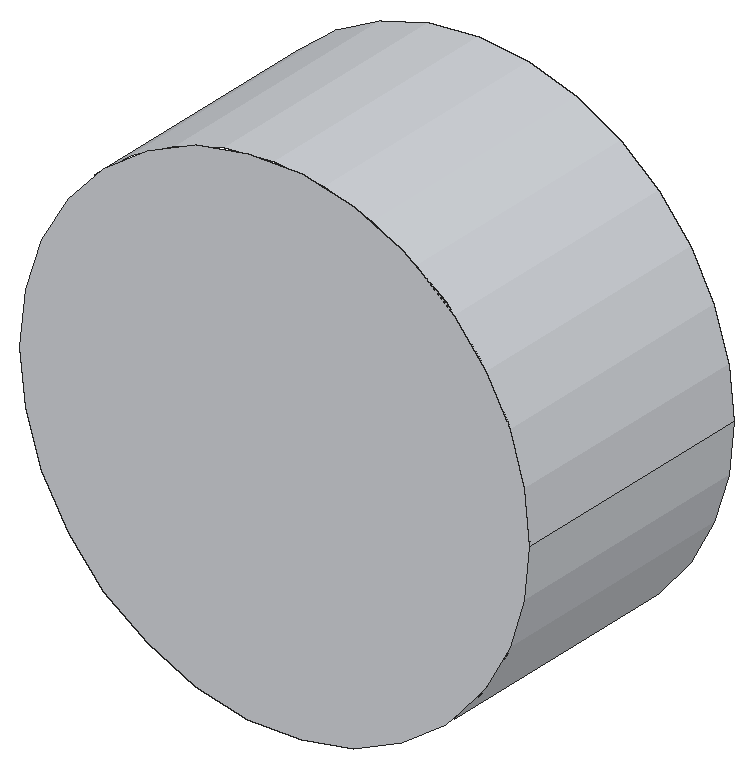
Revit family "TV-121", category Plumbing Fixtures, Revit 2014
Parameters (values of type "TV-121")
  URL = "http://www.helvex.com.mx/contenido.php?producto=637"
  Type Comments = "Special Products"
  Total Length = 7.5"
  Support Base Diameter = 2.4"
  Model = "TV-121"
  Min. Working Pressure = 14.22 psi
  Max. Working Pressure = 85.34 psi
  Max. Water Flow = 2.11 GPM
  Manufacturer = "HELVEX"
  Instructive = "http://www.helvex.com.mx/productos/instructivos/TV-121.pdf"
  Features = "Automatic Closure, Activation Time Adjustable, Button With Antibacterial Coating, Closing Time Adjustable From 5 To 13 Seconds"
  Documentation = "http://www.helvex.com.mx/productos/fichas/TV-121.pdf"
  Description = "Single Faucet Economizer To Wall Closing And Antibacterial Coating"
  Connection = "½\" - 14 NPSM"
  Chrome = Brass Chromed
  Certification = "http://www.helvex.com.mx/productos/vistas/TV-121.pdf"
  CW Connection = no
Reference planes (in)
  plane 1 "Center (Front/Back)": y = 0
  plane 2: z = 0
  plane 3 "Center (Left/Right)": x = 0
  plane 4: z = 41.34
Forms (in)
  Extrusion 1, solid
    sketch origin (0, 0, 41.34) x (1, 0, 0) y (0, 0, 1)
      loop
        circle (0, 0) r 0.25
    from 0 to 0.25
Dimensions and locks (in)
  locked: plane 4 to plane 2 at 41.34
  aligned and locked: level to plane 2
Connectors (in)
  piping at (0, 0, 41.34), diameter 0.5, driven by "CW Connection"
    settings: on Extrusion 1, index 1, connector inside diameter 609.6 mm, connector length 0", flow factor 0, pipe flow 2.11 GPM, pressure drop 0.0 psi, fitting loss kfactor 0, connector angle 0.00°, fixture units 0, engagement length 0", angle of deflection 0.00°, flow configuration 2, flow direction 1, fitting loss method 0, system type 20, joint type 0, gender type 0, connector reference index -1, connector utility 0, adjustable connector no, is connector primary yes, connector description ""
